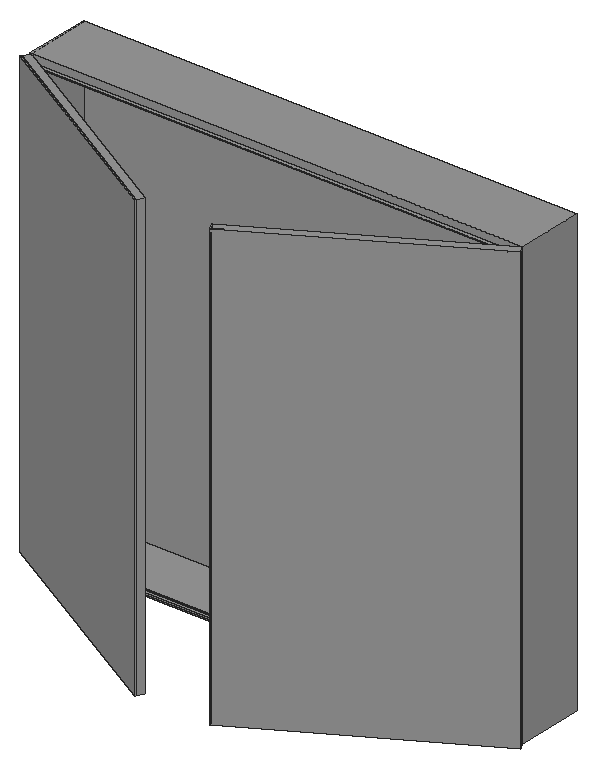
Revit family "Hager-Univers-IP44-D161-H950-Cl.II-FWQ_encl_QS-NoHosted-NL-en", category Equipement électrique, Revit 2020
Family settings
  Configuration du panneau = Deux colonnes, circuits au sein
  Cote de connecteur circulaire = Utiliser le diamètre
  Type d'élément = Tableau de raccordement
  Basée sur le plan de construction = Oui
  Toujours verticalement = Oui
  Couper avec des vides une fois chargée = Non
  Partagée = Non
  Point de calcul de pièce = Non
Parameters (values of type "Surface mounted (plaster) IP44 W1050 H950 D161  - FWQ64N")
  Width Control [instance] = if([EF000008 - Width] > Min Width, [EF000008 - Width], Min Width)  # 1050 mm
  Commentaires du type = [HG000003 - Range]  # "Univers"
  Thickness Door [instance] = if([EF009171 - Material plate thickness door/cover] > 3 mm, 3 mm, [EF009171 - Material plate thickness door/cover])  # 2 mm
  Seal Frame Offset [instance] = 17 mm  # constant formula
  Plinth Visibility [instance] = [HG000027 - Plinth height] > 0 mm  # no
  Min Width [instance] = 100 mm  # constant formula
  Min Depth [instance] = (2 * [EF009170 - Material plate thickness cabinet]) + 1 mm  # 5 mm
  Min Height [instance] = 100 mm  # constant formula
  Internal Frame Depth [instance] = (Door System Depth * 0.5)  # 9 mm
  Panel Name [instance] = ""  # (empty or 0)
  Model = ""
  HG000027 - Plinth height = 0 mm
  HG000026 - Floor standing = no
  HG000024 - Bottom section height = 600 mm
  HG000023 - Double section enclosure = no
  HG000016 - Door 3d visibility [instance] = yes
  HG000015 - Clearance visibility [instance] = no
  HG000014 - Door on the right [instance] = yes
  HG000013 - Door on the left [instance] = not([HG000014 - Door on the right])  # no
  HG000012 - Door swing angle [instance] = 30.00°
  HG000010 - Asymmetric doors = no
  HG000009 - Double swing door = yes
  HG000006 - Flush mounted = no
  HG000004 - Manufacturer reference = "FWQ64N"
  HG000003 - Range = "Univers"
  HG000002 - With door or cover = yes
  Frame Offset Bottom [instance] = 10 mm  # constant formula
  Frame Offset [instance] = 15 mm  # constant formula
  EF015940 - Cover with overpressure release = no
  EF011959 - Degree of protection (NEMA) = ""
  EF009554 - Number of openings for flange plates = 8
  EF009212 - Cover model = "EV009916 - With notch"
  EF009171 - Material plate thickness door/cover = 2 mm
  EF009170 - Material plate thickness cabinet = 2 mm
  EF008873 - Nominal current (In) = 125 A
  EF007800 - Suitable for lightning protection = no
  EF006306 - With lock = no
  EF006244 - Transparent cover/door = no
  EF005474 - Degree of protection (IP) = "EV006418 - IP44"
  EF004464 - Type of door = "EV002646 - Single"
  EF004427 - Number of modules = 192
  EF004293 - Impact strength = "EV006815 - IK09"
  EF003532 - Suitable for outdoor use = no
  EF002950 - Width in number of modular spacings = 48
  EF001613 - Circuit integrity = "EV000494 - None"
  EF001596 - Material housing = "EV000179 - Steel"
  EF001131 - Internal depth = 161 mm
  EF001088 - Extension possible = yes
  EF000437 - Number of conduit inlets = 16
  EF000339 - Type of cover = "EV001012 - Cover"
  EF000266 - Number of rows = 4
  EF000218 - Built-in depth = 0 mm
  EF000118 - With mounting plate = yes
  EF000116 - RAL-number = "9010"
  EF000049 - Depth = 161 mm
  EF000040 - Height = 950 mm
  EF000008 - Width = 1050 mm
  EF000007 - Colour = "EV000202 - White"
  EF000003 - Mounting method = "EV000384 - Surface mounted (plaster)"
  Door System Leaf Tolerance [instance] = 1.5 mm  # constant formula
  Door System Depth [instance] = 18 mm  # constant formula
  Door Height [instance] = Height Control - [HG000027 - Plinth height]  # 950 mm
  Description = ""
  Default Elevation = 1219.2 mm
  Connector Offset [instance] = Height Control / 2  # 475 mm
  Fabricant = "Hager"  # constant formula
  Height Control [instance] = if([EF000040 - Height] > Min Height, [EF000040 - Height], Min Height)  # 950 mm
  Depth Control [instance] = if([EF000049 - Depth] > Min Depth, [EF000049 - Depth], Min Depth)  # 161 mm
  Bottom Top Plate Trim [instance] = 1.5 mm  # constant formula
  Plinth height Ctrl [instance] = if([HG000027 - Plinth height] > 0 mm, [HG000027 - Plinth height], 12 mm)  # 12 mm
Reference planes
  plane 1 "Center (Front/Back)": y = 0
  plane 2: z = 0
  plane 3 "Center (Left/Right)": x = 0
  plane 4: y = 0
  plane 5: y = 0
  plane 6: z = 0
  plane 7: x = -525
  plane 8: x = 525
  plane 9: x = 523
  plane 10: x = -523
  plane 11: z = 0
  plane 12: z = 2
  plane 13: y = -161
  plane 14: y = -2
  plane 15: x = 0
  plane 16: y = -143
  plane 17: y = -159
  plane 18: y = -141
  plane 19: x = -508
  plane 20: x = 508
  plane 21: z = 12
  plane 22: x = -508
  plane 23: x = 508
  plane 24: z = 0
  plane 25: z = 950
  plane 26: z = 950
  plane 27: z = 933
  plane 28: z = 948
Forms (mm)
  Extrusion 1, solid, material "Hager_Steel_RAL7035_Light_Grey", detail levels medium+fine
    sketch origin (-208.679, -4572, 0) x (-1, 0, 0) y (0, -1, 0)
      loop
        line (316.321, -4429) -> (-733.679, -4429) -> (-733.679, -4572) -> (316.321, -4572) -> (316.321, -4429)
    from 0 to 950
  Extrusion 2, void
    sketch origin (-350.771, -161, 1219.2) x (1, 0, 0) y (0, 0, 1)
      loop
        line (-172.229, -271.2) -> (-172.229, -1217.2) -> (873.771, -1217.2) -> (873.771, -271.2) -> (-172.229, -271.2)
    from -20 to -159
  Extrusion 3, void
    sketch origin (-290.084, -143, 1219.2) x (1, 0, 0) y (0, 0, 1)
      loop
        line (-217.916, -1207.2) -> (798.084, -1207.2) -> (798.084, -286.2) -> (-217.916, -286.2) -> (-217.916, -1207.2)
    from 0 to -2
  Extrusion 4, solid, material "Hager_Steel_RAL7035_Light_Grey", visible <- "Plinth Visibility", detail levels medium+fine
    sketch origin (0, 0, 0) x (1, 0, 0) y (0, 1, 0)
      loop
        line (-525, 0) -> (-525, -143) -> (525, -143) -> (525, 0) -> (-525, 0)
    from 0 to 12 <- "Plinth height Ctrl"
  Extrusion 5, solid, material "Hager_Steel_RAL7035_Light_Grey", detail levels coarse
    sketch origin (0, 0, 0) x (1, 0, 0) y (0, 1, 0)
      loop
        line (-525, 0) -> (-525, -161) -> (525, -161) -> (525, 0) -> (-525, 0)
    from 0 to 950 <- "Height Control"
  Sweep 6, void
    path in 3D
      loop
        line (-525, -143, 12) -> (525, -143, 12) -> (525, 0, 12) -> (-525, 0, 12) -> (-525, -143, 12)
    profile origin (-525, -71.5, 12) x (1, 0, 0) y (0, 0, 1)
      loop
        line (0, 0) -> (0, -1.5) -> (1.5, -1.5)
        arc (1.5, -1.5) -> (1.061, -0.439) -> (0, 0) r 1.5
  Extrusion 7, solid, material "Hager_Steel_RAL7035_Light_Grey", detail levels fine
    sketch origin (-525, -143, 0) x (1, 0, 0) y (0, 0, 1)
      loop
        line (17, 12) -> (1033, 12) -> (1033, 933) -> (17, 933) -> (17, 12)
      loop
        line (15, 10) -> (1035, 10) -> (1035, 935) -> (15, 935) -> (15, 10)
    from 0 to 9 <- "Internal Frame Depth"
Cuts and joins
  Extrusion 2, Extrusion 3 cuts Extrusion 1
  Sweep 6 cuts Extrusion 4
Lines and regions (mm)
  Masking region 1
    outline origin (0, 0, 0) x (1, 0, 0) y (0, 1, 0)
      loop
        line (-525, 0) -> (-525, -161) -> (525, -161) -> (525, 0) -> (-525, 0)
  Masking region 2, detail levels coarse
    outline origin (-290.084, -143, 1219.2) x (-1, 0, 0) y (0, 0, 1)
      loop
        line (-815.084, -1219.2) -> (234.916, -1219.2) -> (234.916, -269.2) -> (-815.084, -269.2) -> (-815.084, -1219.2)
  Masking region 3, detail levels coarse
    outline origin (0, 0, 0) x (0, 1, 0) y (0, 0, 1)
      loop
        line (0, 0) -> (0, 950) -> (-161, 950) -> (-161, 0) -> (0, 0)
  Masking region 4, visible <- "Plinth Visibility", detail levels medium+fine
    outline origin (0, 0, 0) x (0, 1, 0) y (0, 0, 1)
      loop
        line (-1.5, 12) -> (-141.5, 12)
        arc (-141.5, 12) -> (-141.939, 10.939) -> (-143, 10.5) r 1.5
        line (-143, 10.5) -> (-143, 0) -> (0, 0) -> (0, 10.5)
        arc (0, 10.5) -> (-1.061, 10.939) -> (-1.5, 12) r 1.5
  Masking region 5, detail levels medium+fine
    outline origin (0, 0, 594.038) x (0, 1, 0) y (0, 0, 1)
      loop
        line (0, -594.038) -> (0, 355.962) -> (-143, 355.962) -> (-143, -594.038) -> (0, -594.038)
  Masking region 6, detail levels medium+fine
    outline origin (-359.7, -143, 1211.883) x (-1, 0, 0) y (0, 0, 1)
      loop
        line (-884.7, -1211.883) -> (165.3, -1211.883) -> (165.3, -261.883) -> (-884.7, -261.883) -> (-884.7, -1211.883)
  Masking region 7, visible <- "Plinth Visibility", detail levels medium+fine
    outline origin (-320.334, -143, 1041.368) x (-1, 0, 0) y (0, 0, 1)
      loop
        line (-845.334, -1041.368) -> (204.666, -1041.368) -> (204.666, -1030.868)
        arc (204.666, -1030.868) -> (203.606, -1030.429) -> (203.166, -1029.368) r 1.5
        line (203.166, -1029.368) -> (-843.834, -1029.368)
        arc (-843.834, -1029.368) -> (-844.273, -1030.429) -> (-845.334, -1030.868) r 1.5
        line (-845.334, -1030.868) -> (-845.334, -1041.368)
  sketch lines
    curve 1: line (-525, 0, 12) -> (-525, -143, 12)
    curve 2: line (-525, -143, 12) -> (525, -143, 12)
    curve 3: line (525, 0, 12) -> (-525, 0, 12)
    curve 4: line (525, -143, 12) -> (525, 0, 12)
Dimensions and locks
  locked: plane 1 "Center (Front/Back)" to plane 5
  "EF009170 - Material plate thickness cabinet": plane 7 to plane 10
  "EF009170 - Material plate thickness cabinet": plane 8 to plane 9
  equal spacing: plane 7, plane 3 "Center (Left/Right)", plane 8
  "Width Control": plane 7 to plane 8
  "Depth Control": plane 4 to plane 13
  "EF009170 - Material plate thickness cabinet": plane 4 to plane 14
  "Height Control": plane 25 to level
  "HG000027 - Plinth height": plane 11 to level
  "EF009170 - Material plate thickness cabinet": plane 12 to plane 11
  "EF009170 - Material plate thickness cabinet": plane 17 to plane 13
  "EF009170 - Material plate thickness cabinet": plane 18 to plane 16
  "Frame Offset Bottom": plane 21 to plane 12
  "Frame Offset": plane 10 to plane 19
  "Frame Offset": plane 9 to plane 20
  "Door System Depth": plane 16 to plane 13
  "Seal Frame Offset": plane 7 to plane 22
  "Seal Frame Offset": plane 8 to plane 23
  "EF009170 - Material plate thickness cabinet": plane 26 to plane 28
  "Frame Offset": plane 28 to plane 27
  "Connector Offset": plane 2 to connector elem
  "Bottom Top Plate Trim": profile plane to Sweep 6 sketch curve
  "Bottom Top Plate Trim": Sweep 6 sketch curve to Sweep 6 sketch curve
  "Plinth height Ctrl": Masking region 4 sketch curve to level
  "Plinth height Ctrl": Masking region 7 sketch curve to level
  "Thickness Door": Extrusion 7 sketch curve to Extrusion 7 sketch curve  (x4)
  "Bottom Top Plate Trim": radius of Sweep 6 sketch curve
  "Bottom Top Plate Trim": radius of Masking region 4 sketch curve  (x2)
  "Bottom Top Plate Trim": radius of Masking region 7 sketch curve  (x2)
  aligned and locked: Extrusion 2 sketch curve to plane 12
  aligned and locked: Extrusion 2 sketch curve to plane 9
  aligned and locked: Extrusion 2 sketch curve to plane 10
  aligned and locked: Extrusion 2 to plane 14
  aligned and locked: Extrusion 1 sketch curve to plane 4
  aligned and locked: plane 8 to Extrusion 1 sketch curve
  aligned and locked: plane 7 to Extrusion 1 sketch curve
  aligned and locked: Extrusion 2 to plane 18
  aligned and locked: Extrusion 3 sketch curve to plane 19
  aligned and locked: plane 20 to Extrusion 3 sketch curve
  aligned and locked: Extrusion 3 to Extrusion 2
  aligned and locked: Extrusion 3 sketch curve to plane 21
  aligned and locked: plane 3 "Center (Left/Right)" to nested 1
  aligned and locked: Extrusion 1 sketch curve to plane 16
  aligned and locked: Extrusion 4 sketch curve to cut or joined group of Extrusion 1, Extrusion 2, Extrusion 3
  aligned and locked: Masking region 1 sketch curve to plane 7
  aligned and locked: Masking region 1 sketch curve to plane 5
  aligned and locked: Masking region 1 sketch curve to plane 8
  aligned and locked: Masking region 2 sketch curve to level
  aligned and locked: level to Masking region 3 sketch curve
  aligned and locked: plane 1 "Center (Front/Back)" to Masking region 3 sketch curve
  aligned and locked: plane 13 to Masking region 3 sketch curve
  aligned and locked: plane 5 to Masking region 4 sketch curve
  aligned and locked: Masking region 2 sketch curve to plane 8
  aligned and locked: Masking region 2 sketch curve to plane 7
  aligned and locked: plane 7 to nested 2
  aligned and locked: nested 2 to plane 5
  aligned and locked: plane 5 to Masking region 5 sketch curve
  aligned and locked: plane 26 to Masking region 5 sketch curve
  aligned and locked: Extrusion 5 sketch curve to plane 8
  aligned and locked: Extrusion 5 sketch curve to plane 7
  aligned and locked: Extrusion 5 sketch curve to plane 5
  aligned and locked: Extrusion 3 sketch curve to plane 27
  aligned and locked: Extrusion 2 sketch curve to plane 28
  aligned and locked: Masking region 2 to plane 25
  aligned and locked: Extrusion 4 to plane 16
  aligned and locked: profile plane to Sweep 6 sketch curve
  aligned and locked: Masking region 5 sketch curve to plane 24
  aligned and locked: level to Masking region 4 sketch curve
  aligned and locked: Masking region 1 to plane 13
  aligned and locked: nested 1 to plane 16
  aligned and locked: Masking region 3 to plane 25
  aligned and locked: plane 16 to Masking region 4 sketch curve
  aligned and locked: Masking region 5 sketch curve to plane 16
  aligned and locked: plane 24 to plane 11
  aligned and locked: plane 26 to plane 25
  aligned and locked: plane 26 to cut or joined group of Extrusion 1, Extrusion 2, Extrusion 3
  aligned and locked: nested 1 to plane 24
  aligned and locked: Extrusion 1 to Extrusion 3
  aligned and locked: Masking region 6 sketch curve to plane 8
  aligned and locked: Masking region 6 sketch curve to plane 24
  aligned and locked: Masking region 6 sketch curve to plane 7
  aligned and locked: Masking region 6 sketch curve to plane 26
  aligned and locked: Masking region 7 sketch curve to plane 7
  aligned and locked: level to Masking region 7 sketch curve
  aligned and locked: Masking region 7 sketch curve to plane 8
  aligned and locked: Extrusion 7 sketch curve to cut or joined group of Extrusion 1, Extrusion 2, Extrusion 3  (x4)
Automatic sketch dimensions
  plane 19 to Extrusion 3 sketch curve = 0 mm
  Extrusion 3 sketch curve to plane 20 = 0 mm
  Extrusion 3 sketch curve to plane 21 = 0 mm
  Extrusion 4 sketch curve to plane 7 = 0 mm
  Extrusion 4 sketch curve to plane 8 = 0 mm
  Extrusion 4 sketch curve to plane 16 = 0 mm
  Masking region 1 sketch curve to plane 13 = 0 mm
  Masking region 2 sketch curve to plane 25 = 0 mm
  Masking region 3 sketch curve to plane 25 = 0 mm
  Extrusion 5 sketch curve to plane 13 = 0 mm
  profile plane to Sweep 6 sketch curve = 0 mm
Nested families
  nested 1: "EC000058_Univers_Door" at (0, -143, 0), Double <- "HG000009 - Double swing door", Transparent <- "EF006244 - Transparent cover/door", Angle <- "HG000012 - Door swing angle", Door_Right <- "HG000014 - Door on the right", Assymetrical <- "HG000010 - Asymmetric doors", Door <- "HG000002 - With door or cover", Width_Ctrl <- "Width Control", 3d_Door <- "HG000016 - Door 3d visibility", Clearance <- "HG000015 - Clearance visibility", Door_Left <- "HG000013 - Door on the left", Width <- "Width Control", Door_Depth <- "Door System Depth", Leaf_Tolerance <- "Door System Leaf Tolerance", Height <- "Door Height", Lock_Visibility <- "EF006306 - With lock", Thickness <- "Thickness Door", type "EC000058_Univers_Door", detail levels medium+fine
    with min_wh 5 mm, Width_Ctrl 1050 mm, Width 1050 mm, Transparent no, Thickness 2 mm, Seal_Material Hager_Rubber, Lock_Visibility no, Lock_Material Hager_Plastic_RAL9005_Jet_Black, Leaf_Width 1050 mm, Leaf_Tolerance_External_Sides 0 mm, Leaf_Tolerance 1.5 mm, Leaf_Offset 0 mm, Leaf_Height 947 mm, Leaf_2_Width 523.5 mm, Leaf_2_Offset 262.5 mm, Leaf_1_Width 523.5 mm, Leaf_1_Offset 262.5 mm, Height_Ctrl 950 mm, Height 950 mm, Glass_Material Hager_Glass, Double_Clearance_Ctrl no, Double yes, Door_Right_Ctrl yes, Door_Right yes, Door_Material Hager_Steel_RAL7035_Light_Grey, Door_Left_Ctrl yes, Door_Left no, Door_Depth 18 mm, Door yes, Clearance_Material Hager_Clearance, Clearance_Depth 523.5 mm, Clearance_Ctrl no, Clearance no, Assymetrical no, Angle 30.00°, 3d_Door yes
  nested 2: "Hager_Enclosure_Symbol" at (-525, 0, 0), Height <- "Depth Control", Width <- "Width Control", type "Hager_Enclosure_Symbol"
    with Width_Ctrl 1050 mm, Width 1050 mm, Height_Ctrl 161 mm, Height 161 mm, A_Width_Int 10.566 mm, A_Width 126.788 mm, A_Height_Ctrl 140.875 mm, A_Height 140.875 mm
Connectors
  electrical at (0, 0, 475)
    settings: on plane 1 "Center (Front/Back)", index 1, voltage 0 V, apparent load 0 VA, apparent load phase1 0 VA, apparent load phase2 0 VA, apparent load phase3 0 VA, power factor 1, load classification "Other", number of poles 1, system type 30, power factor state 1, is connector primary yes, connector utility no, sub classification motor no, connector description ""
Definition of nested family "EC000058_Univers_Door"
  Parameters (values of type "EC000058_Univers_Door")
    min_wh [instance] = (2 * Thickness) + 1 mm  # 11 mm
    Width_Ctrl [instance] = 400 mm
    Width [instance] = 500 mm
    Transparent [instance] = yes
    Thickness [instance] = 5 mm
    Seal_Material [instance] = none
    Lock_Visibility [instance] = yes
    Lock_Material [instance] = none
    Leaf_Width [instance] = if((Width_Ctrl - 2 * Leaf_Tolerance_External_Sides) > 0 mm, (Width_Ctrl - 2 * Leaf_Tolerance_External_Sides), min_wh)  # 400 mm
    Leaf_Tolerance_External_Sides [instance] = 0 mm  # constant formula
    Leaf_Tolerance [instance] = 1.5 mm
    Leaf_Offset [instance] = 0 mm  # constant formula
    Leaf_Height [instance] = if((Height_Ctrl - 2 * Leaf_Tolerance) > 0 mm, (Height_Ctrl - 2 * Leaf_Tolerance), min_wh)  # 497 mm
    Leaf_2_Width [instance] = if(and(and(Double, Assymetrical), Door_Left), (Leaf_Width / 3) - (Leaf_Tolerance / 2), if(and(and(Double, Assymetrical), Door_Right), (Leaf_Width / 3) * 2 - (Leaf_Tolerance / 2), if(and(Double, not(Assymetrical)), (Leaf_Width / 2) - Leaf_Tolerance, Leaf_Width)))  # 400 mm
    Leaf_2_Offset [instance] = if(and(Double, Assymetrical), Leaf_2_Width / 2, if(and(Double, not(Assymetrical)), Leaf_Width / 4, Leaf_Width / 2))  # 200 mm
    Leaf_1_Width [instance] = if(and(and(Double, Assymetrical), Door_Right), (Leaf_Width / 3) - (Leaf_Tolerance / 2), if(and(and(Double, Assymetrical), Door_Left), (Width / 3) * 2 - (Leaf_Tolerance / 2), if(and(Double, not(Assymetrical)), (Leaf_Width / 2) - Leaf_Tolerance, Leaf_Width)))  # 400 mm
    Leaf_1_Offset [instance] = if(and(Double, Assymetrical), Leaf_1_Width / 2, if(and(Double, not(Assymetrical)), Leaf_Width / 4, Leaf_Width / 2))  # 200 mm
    Height_Ctrl [instance] = if(Height > min_wh, Height, min_wh)  # 500 mm
    Height [instance] = 500 mm
    Glass_Material [instance] = none
    Double_Clearance_Ctrl [instance] = and(Double, Clearance)  # no
    Double [instance] = no
    Door_Right_Ctrl [instance] = and(or(Door_Right, Double), Door)  # yes
    Door_Right [instance] = yes
    Door_Material [instance] = none
    Door_Left_Ctrl [instance] = and(or(Door_Left, Double), Door)  # no
    Door_Left [instance] = no
    Door_Depth [instance] = 30 mm
    Door [instance] = yes
    Default Elevation = 1219.2 mm
    Clearance_Material [instance] = none
    Clearance_Depth [instance] = if(Leaf_1_Width > Leaf_2_Width, Leaf_1_Width, Leaf_2_Width)  # 400 mm
    Clearance_Ctrl [instance] = and(not(Double), Clearance)  # yes
    Clearance [instance] = yes
    Assymetrical [instance] = yes
    Angle [instance] = 30.00°
    3d_Door [instance] = yes
  Reference planes
    plane 1 "Center (Front/Back)": y = 0
    plane 2 "Bottom": z = 0
    plane 3 "Center (Left/Right)": x = 0
    plane 4: z = 500
    plane 5: x = -200
    plane 6: x = 200
    plane 7: z = 500
    plane 8: x = -200
    plane 9: z = 0
    plane 10: x = 200
    plane 11: y = 0
    plane 12: z = 1.5
    plane 13: x = -600
    plane 14: y = -400
    plane 15: x = 600
    plane 16: x = 0
    plane 17: x = 0
    plane 18: x = -200
    plane 19: x = 200
    plane 20: z = 498.5
  Forms (mm)
    Extrusion 1, solid, material <- "Clearance_Material", visible <- "Double_Clearance_Ctrl"
      sketch origin (1200, 0, 0) x (1, 0, 0) y (0, 0, -1)
        loop
          line (-1800, -498.5) -> (-600, -498.5) -> (-600, 0) -> (-1800, 0) -> (-1800, -498.5)
      from 0 to -400
  Dimensions and locks
    equal spacing: plane 5, plane 3 "Center (Left/Right)", plane 6
    "Width_Ctrl": plane 5 to plane 6
    "Leaf_Offset": plane 5 to plane 8
    "Leaf_Offset": plane 6 to plane 10
    "Leaf_Offset": plane 9 to level
    "Leaf_Offset": plane 4 to plane 7
    "Height_Ctrl": plane 4 to level
    "Leaf_Tolerance": plane 12 to plane 9
    locked: plane 11 to plane 1 "Center (Front/Back)"
    "Leaf_1_Offset": plane 18 to plane 16
    "Leaf_2_Offset": plane 17 to plane 19
    "Leaf_1_Width": plane 13 to plane 8
    "Leaf_2_Width": plane 10 to plane 15
    "Clearance_Depth": plane 14 to plane 1 "Center (Front/Back)"
    "Leaf_Tolerance_External_Sides": plane 8 to plane 18
    "Leaf_Tolerance_External_Sides": plane 19 to plane 10
    "Leaf_Tolerance": plane 7 to plane 20
    aligned and locked: level to plane 2 "Bottom"
    aligned and locked: nested 1 to plane 16
    aligned and locked: nested 2 to plane 17
    aligned and locked: Extrusion 1 to plane 13
    aligned and locked: plane 15 to Extrusion 1
    aligned and locked: Extrusion 1 to plane 14
    aligned and locked: plane 12 to nested 1
    aligned and locked: nested 2 to plane 12
    aligned and locked: Extrusion 1 to plane 11
    aligned and locked: plane 20 to Extrusion 1
    aligned and locked: nested 2 to plane 11
    aligned and locked: nested 1 to plane 11
  Automatic sketch dimensions
    Extrusion 1 sketch curve to level = 0 mm
    plane 5 to Extrusion 1 sketch curve = 400 mm
    plane 6 to Extrusion 1 sketch curve = 400 mm
    Extrusion 1 sketch curve to plane 4 = 1.5 mm
  Nested families
    nested 1: "EC000058_Univers_Door_Leaf" at (0, 0, 1.5), Width <- "Leaf_1_Width", visible <- "Door_Left_Ctrl", Leaf_Height <- "Leaf_Height", Angle <- "Angle", 3d_Door <- "3d_Door", Transparent <- "Transparent", Clearance Material <- "Clearance_Material", Clearance <- "Clearance_Ctrl", Door_Material <- "Door_Material", Glass_Material <- "Glass_Material", Door_Depth <- "Door_Depth", Lock_Material <- "Lock_Material", Seal_Material <- "Seal_Material", Lock_Visibility <- "Lock_Visibility", Thickness <- "Thickness", type "EC000058_Univers_Door_Leaf"
      with Width 400 mm, Transparent_Glass_Offset 30 mm, Transparent_Ctrl yes, Transparent yes, Thickness 5 mm, Standard no, Seal_Material none, Seal_D2 8 mm, Seal_D1 1 mm, Offset_Internal_Frame 10 mm, Lock_Width 20 mm, Lock_Visibility_3d yes, Lock_Visibility yes, Lock_Thickness_3 3 mm, Lock_Thickness_2 1 mm, Lock_Thickness_1 3 mm, Lock_Radius_Offset_2 16 mm, Lock_Radius_Offset_1 15 mm, Lock_Radius_2 5 mm, Lock_Radius 6 mm, Lock_Offset 5 mm, Lock_Material none, Lock_Height 80 mm, Lock_Cover_Top_Offset_2d 17 mm, Lock_Cover_Height -65 mm, Leaf_Height 497 mm, Internal_Seal_Thickness 8 mm, Internal_Seal_Depth_2 4.5 mm, Internal_Frame_Depth 25 mm, Glass_Thickness -1 mm, Glass_Offset -2 mm, Glass_Material none, Door_Material none, Door_Depth 30 mm, Clearance Material none, Clearance yes, Angle_Ctrl 30.00°, Angle 30.00°, 3d_Door yes
    nested 2: "EC000058_Univers_Door_Leaf" at (0, 0, 1.5) x (-1, 0, 0) z (0, 0, 1), Width <- "Leaf_2_Width", visible <- "Door_Right_Ctrl", Leaf_Height <- "Leaf_Height", Angle <- "Angle", 3d_Door <- "3d_Door", Transparent <- "Transparent", Clearance Material <- "Clearance_Material", Clearance <- "Clearance_Ctrl", Door_Material <- "Door_Material", Glass_Material <- "Glass_Material", Door_Depth <- "Door_Depth", Lock_Material <- "Lock_Material", Seal_Material <- "Seal_Material", Lock_Visibility <- "Lock_Visibility", Thickness <- "Thickness", type "EC000058_Univers_Door_Leaf"
      with Width 400 mm, Transparent_Glass_Offset 30 mm, Transparent_Ctrl yes, Transparent yes, Thickness 5 mm, Standard no, Seal_Material none, Seal_D2 8 mm, Seal_D1 1 mm, Offset_Internal_Frame 10 mm, Lock_Width 20 mm, Lock_Visibility_3d yes, Lock_Visibility yes, Lock_Thickness_3 3 mm, Lock_Thickness_2 1 mm, Lock_Thickness_1 3 mm, Lock_Radius_Offset_2 16 mm, Lock_Radius_Offset_1 15 mm, Lock_Radius_2 5 mm, Lock_Radius 6 mm, Lock_Offset 5 mm, Lock_Material none, Lock_Height 80 mm, Lock_Cover_Top_Offset_2d 17 mm, Lock_Cover_Height -65 mm, Leaf_Height 497 mm, Internal_Seal_Thickness 8 mm, Internal_Seal_Depth_2 4.5 mm, Internal_Frame_Depth 25 mm, Glass_Thickness -1 mm, Glass_Offset -2 mm, Glass_Material none, Door_Material none, Door_Depth 30 mm, Clearance Material none, Clearance yes, Angle_Ctrl 30.00°, Angle 30.00°, 3d_Door yes
  Definition of nested family "EC000058_Univers_Door_Leaf"
    Parameters (values of type "EC000058_Univers_Door_Leaf")
      Width [instance] = 2000 mm
      Transparent_Glass_Offset [instance] = 30 mm
      Transparent_Ctrl [instance] = and(Transparent, [3d_Door])  # yes
      Transparent [instance] = yes
      Thickness [instance] = 5 mm
      Standard [instance] = and(not(Transparent), [3d_Door])  # no
      Seal_Material [instance] = none
      Seal_D2 [instance] = 8 mm  # constant formula
      Seal_D1 [instance] = 1 mm  # constant formula
      Offset_Internal_Frame [instance] = 10 mm  # constant formula
      Lock_Width [instance] = 20 mm  # constant formula
      Lock_Visibility_3d [instance] = and(Lock_Visibility, [3d_Door])  # yes
      Lock_Visibility [instance] = yes
      Lock_Thickness_3 [instance] = 3 mm  # constant formula
      Lock_Thickness_2 [instance] = 1 mm  # constant formula
      Lock_Thickness_1 [instance] = 3 mm  # constant formula
      Lock_Radius_Offset_2 [instance] = Lock_Radius_Offset_1 + 1 mm  # 16 mm
      Lock_Radius_Offset_1 [instance] = 15 mm  # constant formula
      Lock_Radius_2 [instance] = Lock_Radius - 1 mm  # 5 mm
      Lock_Radius [instance] = 6 mm  # constant formula
      Lock_Offset [instance] = 5 mm  # constant formula
      Lock_Material [instance] = none
      Lock_Height [instance] = 80 mm  # constant formula
      Lock_Cover_Top_Offset_2d [instance] = Lock_Radius_Offset_2 + 1 mm  # 17 mm
      Lock_Cover_Height [instance] = -(Lock_Height - Lock_Radius_Offset_1)  # -65 mm
      Leaf_Height [instance] = 2720.336 mm
      Internal_Seal_Thickness [instance] = 8 mm  # constant formula
      Internal_Seal_Depth_2 [instance] = 4.5 mm  # constant formula
      Internal_Frame_Depth [instance] = if(Door_Depth - Thickness > 5 mm, Door_Depth - Thickness, 5 mm)  # 25 mm
      Glass_Thickness [instance] = if(Thickness > 15 mm, Glass_Offset + 10 mm, -1 mm)  # -1 mm
      Glass_Offset [instance] = if(Thickness > 15 mm, -(Thickness + 10 mm) / 2, -2 mm)  # -2 mm
      Glass_Material [instance] = none
      Door_Material [instance] = none
      Door_Depth [instance] = 30 mm
      Default Elevation = 0 mm
      Clearance Material [instance] = none
      Clearance [instance] = yes
      Angle_Ctrl [instance] = if(Angle > 180.00°, 180.00°, Angle)  # 90.00°
      Angle [instance] = 90.00°
      3d_Door [instance] = yes
    Reference planes
      plane 1 "Center (Front/Back)": y = 0
      plane 2: z = 0
      plane 3 "Center (Left/Right)": x = 0
      plane 4: y = 2000
      plane 5: x = -1000
      plane 6: x = 1000
      plane 7: x = -3000
      plane 8: z = 2720.336
      plane 9: z = 30
      plane 10: z = 2690.336
      plane 11: x = 970
      plane 12: x = -970
      plane 13: y = -3
      plane 14: z = 107.833
      plane 15: y = -5
      plane 16: y = -223.314
      plane 17: x = -1000
      plane 18: z = 1360.168
      plane 19: y = 30
    Forms (mm)
      Extrusion 1, solid, material <- "Clearance Material", visible <- "Clearance"
        sketch origin (0, 0, 0) x (1, 0, 0) y (0, 0, 1)
          loop
            line (-3000, 2720.336) -> (-3000, 0) -> (1000, 0) -> (1000, 2720.336) -> (-3000, 2720.336)
        from 0 to -2000
      Extrusion 2, solid, material <- "Door_Material", visible <- "Standard", detail levels medium+fine
        sketch origin (-1000, 0, 0) x (0, 1, 0) y (-1, 0, 0)
          loop
            line (0, 30) -> (0, 25) -> (2000, 25) -> (2000, 30) -> (0, 30)
        from 0 to 2720.336 <- "Leaf_Height"
      Extrusion 3, solid, material <- "Door_Material", visible <- "Transparent_Ctrl", detail levels medium+fine
        sketch origin (-1000, 0, 0) x (0, 1, 0) y (-1, 0, 0)
          loop
            line (0, 25) -> (2000, 25) -> (2000, 30) -> (0, 30) -> (0, 25)
        from 0 to 2720.336 <- "Leaf_Height"
      Extrusion 4, void
        sketch origin (-1025, 2000, 0) x (0, 1, 0) y (0, 0, -1)
          loop
            line (-30, -2690.336) -> (-30, -30) -> (-1970, -30) -> (-1970, -2690.336) -> (-30, -2690.336)
        from 0 to 5 <- "Thickness"
      Sweep 5, solid, material <- "Seal_Material", visible <- "Transparent_Ctrl", detail levels fine
        path in 3D
          loop
            line (-1025, 30, 30) -> (-1025, 30, 2690.336) -> (-1025, 1970, 2690.336) -> (-1025, 1970, 30) -> (-1025, 30, 30)
        profile origin (-1025, 1000, 30) x (1, 0, 0) y (0, 0, 1)
          loop
            line (0, 0) -> (0, -8) -> (1, -8) -> (1, 0) -> (0, 0)
      Extrusion 6, solid, material <- "Glass_Material", visible <- "Transparent_Ctrl", detail levels medium+fine
        sketch origin (-1030, 0, 0) x (0, 1, 0) y (0, 0, -1)
          loop
            line (1970, -2690.336) -> (1970, -30) -> (30, -30) -> (30, -2690.336) -> (1970, -2690.336)
        from -2 <- "Glass_Offset" to -1 <- "Glass_Thickness"
      Extrusion 7, solid, material <- "Door_Material", visible <- "3d_Door", detail levels medium+fine
        sketch origin (-1025, 2000, 0) x (0, -1, 0) y (0, 0, -1)
          loop
            line (0, -2720.336) -> (2000, -2720.336) -> (2000, 0) -> (0, 0) -> (0, -2720.336)
          loop
            line (1995, -5) -> (5, -5) -> (5, -2715.336) -> (1995, -2715.336) -> (1995, -5)
        from 0 to 25 <- "Internal_Frame_Depth"
      Sweep 8, solid, material <- "Seal_Material", visible <- "Transparent_Ctrl", detail levels fine
        path in 3D
          loop
            line (-1025, 0, 0) -> (-1025, 2000, 0) -> (-1025, 2000, 2720.336) -> (-1025, 0, 2720.336) -> (-1025, 0, 0)
        profile origin (-1025, 0, 1360.168) x (1, 0, 0) y (0, 1, 0)
          loop
            line (0, 10) -> (2.975, 10)
            arc (2.975, 10) -> (4.053, 10.447) -> (4.5, 11.525) r 1.525
            line (4.5, 11.525) -> (4.5, 16.527)
            arc (4.5, 16.527) -> (4.069, 17.569) -> (3.027, 18) r 1.473
            line (3.027, 18) -> (0, 18) -> (0, 10)
      Extrusion 9, solid, material <- "Lock_Material", visible <- "Lock_Visibility_3d", detail levels fine
        sketch origin (-1030, 0, 0) x (0, 1, 0) y (0, 0, -1)
          loop
            arc (1993.5, -1400.168) -> (1994.561, -1399.729) -> (1995, -1398.668) r 1.5
            line (1995, -1398.668) -> (1995, -1320.168) -> (1975, -1320.168) -> (1975, -1398.668)
            arc (1975, -1398.668) -> (1975.439, -1399.729) -> (1976.5, -1400.168) r 1.5
            line (1976.5, -1400.168) -> (1993.5, -1400.168)
        from 3 <- "Lock_Thickness_1" to 0
      Blend 10, solid, material <- "Lock_Material", visible <- "Lock_Visibility_3d", detail levels fine
        base sketch origin (-1033, 0, 0) x (0, 1, 0) y (0, 0, -1)
          loop
            line (1975, -1320.168) -> (1975, -1398.668)
            arc (1975, -1398.668) -> (1975.439, -1399.729) -> (1976.5, -1400.168) r 1.5
            line (1976.5, -1400.168) -> (1993.5, -1400.168)
            arc (1993.5, -1400.168) -> (1994.561, -1399.729) -> (1995, -1398.668) r 1.5
            line (1995, -1398.668) -> (1995, -1320.168) -> (1975, -1320.168)
        top sketch origin (-1033, 0, 0) x (0, 1, 0) y (0, 0, -1)
          loop
            line (1976, -1320.168) -> (1976, -1398.668)
            arc (1976, -1398.668) -> (1976.146, -1399.022) -> (1976.5, -1399.168) r 0.5
            line (1976.5, -1399.168) -> (1993.5, -1399.168)
            arc (1993.5, -1399.168) -> (1993.854, -1399.022) -> (1994, -1398.668) r 0.5
            line (1994, -1398.668) -> (1994, -1320.168) -> (1976, -1320.168)
        from 0 to 1 <- "Lock_Thickness_2"
      Blend 11, solid, material <- "Lock_Material", visible <- "Lock_Visibility_3d", detail levels fine
        base sketch origin (-1034, 0, 0) x (0, 1, 0) y (0, 0, -1)
          loop
            line (1978, -1320.168) -> (1978, -1384.168)
            arc (1978, -1384.168) -> (1985, -1391.168) -> (1992, -1384.168) r 7
            line (1992, -1384.168) -> (1992, -1320.168) -> (1978, -1320.168)
        top sketch origin (-1034, 0, 0) x (0, 1, 0) y (0, 0, -1)
          loop
            line (1991, -1320.168) -> (1979, -1320.168) -> (1979, -1383.168)
            arc (1979, -1383.168) -> (1985, -1389.168) -> (1991, -1383.168) r 6
            line (1991, -1383.168) -> (1991, -1320.168)
        from 0 to 3 <- "Lock_Thickness_3"
      Extrusion 12, solid, material <- "Lock_Material", visible <- "Lock_Visibility_3d", detail levels fine
        sketch origin (-1030, 1975, 1320.168) x (1, 0, 0) y (0, -1, 0)
          loop
            line (-7, -19) -> (-7, -1) -> (0, -1) -> (0, 0) -> (-8, 0) -> (-8, -20) -> (0, -20) -> (0, -19) -> (-7, -19)
        from 0 to -65 <- "Lock_Cover_Height"
      Extrusion 13, void
        sketch origin (-1038, 1995, 1320.168) x (-1, 0, 0) y (0, 0, -1)
          loop
            line (-5, -65) -> (0, -65) -> (-5, -60) -> (-5, -65)
        from 0 to 20 <- "Lock_Width"
      Extrusion 14, void
        sketch origin (-1038, 1975, 1320.168) x (0, -1, 0) y (0, 0, -1)
          loop
            circle (-10, -15.995) r 6
          loop
            circle (-10, -15.995) r 5
        from 0 to 2
      Extrusion 15, solid, material <- "Lock_Material", visible <- "Lock_Visibility_3d", detail levels medium
        sketch origin (-1030, 0, 0) x (0, 1, 0) y (0, 0, -1)
          loop
            arc (1993.5, -1400.168) -> (1994.561, -1399.729) -> (1995, -1398.668) r 1.5
            line (1995, -1398.668) -> (1995, -1320.168) -> (1975, -1320.168) -> (1975, -1398.668)
            arc (1975, -1398.668) -> (1975.439, -1399.729) -> (1976.5, -1400.168) r 1.5
            line (1976.5, -1400.168) -> (1993.5, -1400.168)
        from 8 to 0
    Cuts and joins
      Extrusion 4 cuts Extrusion 3
      Extrusion 13, Extrusion 14 cuts Extrusion 9
      Extrusion 14 cuts Blend 11
      Extrusion 13, Extrusion 14 cuts Extrusion 12
      joined: Extrusion 9, Blend 10, Blend 11, Extrusion 12
      Extrusion 14 cuts Extrusion 15
    Lines and regions (mm)
      Masking region 1, visible <- "Lock_Visibility", detail levels fine
        outline origin (0, 0, 0) x (0, 1, 0) y (0, 0, 1)
          loop
            line (30, 1320.168) -> (33, 1320.168) -> (33, 1400.168) -> (30, 1400.168) -> (30, 1320.168)
      Masking region 2, visible <- "Lock_Visibility", detail levels fine
        outline origin (0, 3.143, 0) x (0, 1, 0) y (0, 0, 1)
          loop
            line (29.857, 1354.168) -> (30.857, 1354.168) -> (30.857, 1366.168) -> (29.857, 1366.168) -> (29.857, 1354.168)
      Masking region 3, detail levels medium+fine
        outline origin (0, 0, 0) x (0, 1, 0) y (0, 0, 1)
          loop
            line (0, 0) -> (30, 0) -> (30, 2720.336) -> (0, 2720.336) -> (0, 0)
      Masking region 4, detail levels medium+fine
        outline origin (0, 0, 0) x (1, 0, 0) y (0, 0, 1)
          loop
            line (-1000, 2720.336) -> (-1000, 0) -> (1000, 0) -> (1000, 2720.336) -> (-1000, 2720.336)
      Masking region 5, visible <- "Lock_Visibility", detail levels fine
        outline origin (-47.116, 0, 0) x (1, 0, 0) y (0, 0, 1)
          loop
            arc (1024.616, 1399.168) -> (1023.556, 1398.729) -> (1023.116, 1397.668) r 1.5
            line (1023.116, 1397.668) -> (1023.116, 1320.168) -> (1041.116, 1320.168) -> (1041.116, 1397.668)
            arc (1041.116, 1397.668) -> (1040.677, 1398.729) -> (1039.616, 1399.168) r 1.5
            line (1039.616, 1399.168) -> (1024.616, 1399.168)
      Masking region 6, visible <- "Lock_Visibility", detail levels medium+fine
        outline origin (-25, 0, 0) x (1, 0, 0) y (0, 0, 1)
          loop
            arc (1001.5, 1400.168) -> (1000.439, 1399.729) -> (1000, 1398.668) r 1.5
            line (1000, 1398.668) -> (1000, 1320.168) -> (1020, 1320.168) -> (1020, 1398.668)
            arc (1020, 1398.668) -> (1019.561, 1399.729) -> (1018.5, 1400.168) r 1.5
            line (1018.5, 1400.168) -> (1001.5, 1400.168)
      Masking region 7, visible <- "Lock_Visibility", detail levels fine
        outline origin (-73.735, 0, 0) x (1, 0, 0) y (0, 0, 1)
          loop
            line (1051.735, 1382.168) -> (1065.735, 1382.168) -> (1065.735, 1384.168)
            arc (1065.735, 1384.168) -> (1058.735, 1391.168) -> (1051.735, 1384.168) r 7
            line (1051.735, 1384.168) -> (1051.735, 1382.168)
      Masking region 8, visible <- "Lock_Visibility", detail levels fine
        outline origin (-73.735, 0, 0) x (1, 0, 0) y (0, 0, 1)
          loop
            line (1052.735, 1382.168) -> (1064.735, 1382.168) -> (1064.735, 1383.168)
            arc (1064.735, 1383.168) -> (1058.735, 1389.168) -> (1052.735, 1383.168) r 6
            line (1052.735, 1383.168) -> (1052.735, 1382.168)
      Masking region 9, visible <- "Lock_Visibility", detail levels fine
        outline origin (-25, 0, 0) x (1, 0, 0) y (0, 0, 1)
          loop
            line (1020, 1320.168) -> (1020, 1382.168) -> (1000, 1382.168) -> (1000, 1320.168) -> (1020, 1320.168)
      Masking region 10, detail levels medium+fine
        outline origin (0, 0, 0) x (1, 0, 0) y (0, 0, 1)
          loop
            circle (985, 1335.144) r 6
      Masking region 11, detail levels fine
        outline origin (0, 0, 0) x (1, 0, 0) y (0, 0, 1)
          loop
            circle (985, 1335.144) r 5
      Masking region 12, visible <- "Lock_Visibility", detail levels fine
        outline origin (0, 12.767, 0) x (0, 1, 0) y (0, 0, 1)
          loop
            line (20.233, 1320.168) -> (21.233, 1320.168) -> (21.233, 1399.168) -> (20.233, 1400.168) -> (20.233, 1320.168)
      Masking region 13, visible <- "Lock_Visibility", detail levels fine
        outline origin (0, 13.767, -10) x (0, 1, 0) y (0, 0, 1)
          loop
            line (20.233, 1330.168) -> (23.233, 1330.168) -> (23.233, 1399.168) -> (20.233, 1402.168) -> (20.233, 1330.168)
      Masking region 14, visible <- "Lock_Visibility", detail levels fine
        outline origin (0, 12.767, -10) x (0, 1, 0) y (0, 0, 1)
          loop
            line (20.233, 1330.168) -> (25.233, 1330.168) -> (25.233, 1399.305) -> (20.233, 1394.305) -> (20.233, 1330.168)
      Masking region 15, visible <- "Lock_Visibility", detail levels medium
        outline origin (0, 0, 0) x (0, 1, 0) y (0, 0, 1)
          loop
            line (30, 1320.168) -> (38, 1320.168) -> (38, 1400.168) -> (30, 1400.168) -> (30, 1320.168)
      Masking region 16, visible <- "Lock_Visibility", detail levels fine
        outline origin (-1000, 0, 0) x (0, 1, 0) y (-1, 0, 0)
          loop
            line (1975, 30) -> (1995, 30) -> (1995, 38) -> (1975, 38) -> (1975, 30)
          loop
            line (1979, 37) -> (1976, 37) -> (1976, 34) -> (1978, 34) -> (1979, 37)
          loop
            line (1994, 37) -> (1991, 37) -> (1992, 34) -> (1994, 34) -> (1994, 37)
      Masking region 17, visible <- "Lock_Visibility", detail levels medium
        outline origin (-1000, 0, 0) x (0, 1, 0) y (-1, 0, 0)
          loop
            line (1975, 30) -> (1995, 30) -> (1995, 38) -> (1975, 38) -> (1975, 30)
      symbolic lines
        curve 1: line (1000, 0, 0) -> (-3000, 0, 0)
        curve 2: arc (1000, 0, 0) -> (-1000, 2000, 0) -> (-3000, 0, 0) r 2000
        curve 4: line (-1030, 0, 0) -> (-1030, 2000, 0)
      reference lines
        curve 3: line (-1000, 0, 0) -> (-1000, 2000, 0)
      symbolic lines, detail levels medium+fine
        curve 5: line (-1030, 2000, 0) -> (-1025, 2000, 0)
        curve 7: line (-1025, 0, 0) -> (-1030, 0, 0)
        curve 8: line (-1025, 0, 0) -> (-1000, 0, 0)
        curve 9: line (-1000, 0, 0) -> (-1000, 2000, 0)
        curve 10: line (-1000, 2000, 0) -> (-1025, 2000, 0)
      symbolic lines, detail levels fine
        curve 6: line (-1025, 2000, 0) -> (-1025, 0, 0)
      sketch lines
        curve 11: line (-1025, 0, 2720.336) -> (-1025, 0, 0)
        curve 12: line (-1025, 2000, 0) -> (-1025, 0, 0)
        curve 13: line (-1025, 2000, 2720.336) -> (-1025, 2000, 0)
        curve 14: line (-1025, 0, 2720.336) -> (-1025, 2000, 2720.336)
        curve 15: line (-1025, 1970, 30) -> (-1025, 30, 30)
        curve 16: line (-1025, 30, 30) -> (-1025, 30, 2690.336)
        curve 17: line (-1025, 1970, 2690.336) -> (-1025, 1970, 30)
        curve 18: line (-1025, 30, 2690.336) -> (-1025, 1970, 2690.336)
      symbolic lines, visible <- "Transparent", detail levels medium+fine
        curve 19: line (-970, 0, 2690.336) -> (970, 0, 2690.336)
        curve 20: line (-970, 0, 30) -> (-970, 0, 2690.336)
        curve 21: line (970, 0, 30) -> (-970, 0, 30)
        curve 22: line (970, 0, 2690.336) -> (970, 0, 30)
    Dimensions and locks
      "Width": plane 1 "Center (Front/Back)" to plane 4
      equal spacing: plane 5, plane 3 "Center (Left/Right)", plane 6
      "Width": plane 5 to plane 6
      "Width": plane 7 to plane 5
      "Leaf_Height": plane 8 to level
      "Width": curve 5 to curve 3
      "Width": curve 3 to curve 3
      plane 8 to plane 10 = 30 mm
      plane 9 to level = 30 mm
      plane 12 to plane 5 = 30 mm
      plane 6 to plane 11 = 30 mm
      Extrusion 1 to Extrusion 4 sketch curve = 30 mm
      "Transparent_Glass_Offset": curve 3 to Extrusion 4 sketch curve
      "Transparent_Glass_Offset": Extrusion 4 sketch curve to cut or joined group of Extrusion 3, Extrusion 4  (x2)
      cut or joined group of Extrusion 3, Extrusion 4 to Extrusion 6 sketch curve = 30 mm
      "Transparent_Glass_Offset": cut or joined group of Extrusion 3, Extrusion 4 to Extrusion 4 sketch curve
      "Thickness": curve 6 to curve 4
      "Thickness": Extrusion 7 sketch curve to Extrusion 7 sketch curve  (x4)
      "Door_Depth": curve 4 to curve 3
      "Offset_Internal_Frame": profile plane to Sweep 8 sketch curve
      "Internal_Seal_Thickness": Sweep 8 sketch curve to Sweep 8 sketch curve
      "Internal_Seal_Depth_2": profile plane to Sweep 8 sketch curve
      "Seal_D1": profile plane to Sweep 5 sketch curve
      "Seal_D2": profile plane to Sweep 5 sketch curve
      "Thickness": Extrusion 2 sketch curve to Extrusion 2 sketch curve
      equal spacing: Extrusion 9 sketch curve, plane 18, Extrusion 9 sketch curve  (x2)
      equal spacing: Masking region 1 sketch curve, plane 18, Masking region 1 sketch curve
      "Lock_Height": Masking region 1 sketch curve to Masking region 1 sketch curve
      "Lock_Radius": Masking region 2 sketch curve to plane 18 to Masking region 2 sketch curve
      Masking region 2 sketch curve to Masking region 1 = 1 mm
      "Door_Depth": plane 19 to plane 1 "Center (Front/Back)"
      "Lock_Thickness_1": Masking region 1 sketch curve to plane 19
      "Lock_Width": Extrusion 9 sketch curve to Extrusion 9 sketch curve
      "Lock_Height": Extrusion 9 sketch curve to Extrusion 9 sketch curve
      "Lock_Offset": cut or joined group of Extrusion 3, Extrusion 4 to Extrusion 9 sketch curve
      equal spacing: plane 8, plane 18, level
      "Lock_Radius_Offset_1": Blend 11 sketch curve to Blend 10
      locked: Blend 10 to Blend 11 sketch curve at 2  (x2)
      locked: var sketch to Blend 11 sketch curve at 1  (x2)
      "Lock_Radius_Offset_2": Blend 11 sketch curve to Blend 10
      locked: Extrusion 12 sketch curve to Extrusion 12 sketch curve at 1  (x3)
      Masking region 6 sketch curve to Masking region 6 sketch curve = 80 mm
      "Lock_Height": Masking region 6 sketch curve to Masking region 6 sketch curve
      "Lock_Width": Masking region 6 sketch curve to Masking region 6 sketch curve
      locked: Masking region 6 to Masking region 5 sketch curve at 1  (x3)
      locked: Masking region 5 to Masking region 7 sketch curve at 2  (x2)
      "Lock_Radius_Offset_1": Masking region 5 to Masking region 7 sketch curve
      "Lock_Radius_Offset_2": Masking region 5 to Masking region 8 sketch curve
      locked: Masking region 7 to Masking region 8 sketch curve at 1  (x2)
      "Lock_Cover_Top_Offset_2d": Masking region 5 to Masking region 9 sketch curve
      equal spacing: Masking region 9, Masking region 10 sketch curve, Masking region 9
      equal spacing: Masking region 9, Masking region 11 sketch curve, Masking region 9
      Extrusion 15 sketch curve to Extrusion 15 sketch curve = 80 mm
      "Lock_Width": Extrusion 15 sketch curve to Extrusion 15 sketch curve
      "Lock_Height": Extrusion 15 sketch curve to Extrusion 15 sketch curve
      equal spacing: Extrusion 15 sketch curve, plane 18, Extrusion 15 sketch curve
      "Lock_Thickness_3": Masking region 13 sketch curve to Masking region 13 sketch curve
      "Lock_Height": Masking region 12 sketch curve to Masking region 12 sketch curve
      locked: Masking region 13 sketch curve to Masking region 1 at 8
      locked: Masking region 14 sketch curve to Masking region 13 at 1
      locked: Masking region 14 sketch curve to Masking region 1 at 10.863
      "Lock_Height": Masking region 15 sketch curve to Masking region 15 sketch curve
      "Lock_Offset": Extrusion 15 sketch curve to cut or joined group of Extrusion 3, Extrusion 4
      "Lock_Offset": plane 6 to Masking region 6 sketch curve
      radius of Sweep 8 sketch curve = 1.525 mm
      radius of Sweep 8 sketch curve = 1.473 mm
      radius of Extrusion 9 sketch curve = 1.5 mm  (x2)
      "Lock_Radius": radius of Extrusion 14 sketch curve
      "Lock_Radius_2": radius of Extrusion 14 sketch curve
      "Lock_Radius": radius of Masking region 10 sketch curve
      "Lock_Radius_2": radius of Masking region 11 sketch curve
      radius of Extrusion 15 sketch curve = 1.5 mm  (x2)
      "Angle_Ctrl": angle plane 1 "Center (Front/Back)" to curve 3
      locked: Masking region 12 sketch curve to Masking region 12 sketch curve (angle 45.00°)
      locked: Masking region 13 sketch curve to Masking region 13 sketch curve (angle 45.00°)
      locked: Masking region 14 sketch curve to Masking region 14 sketch curve (angle 45.00°)
      aligned and locked: level to plane 2
      aligned and locked: Extrusion 1 to curve 1
      aligned and locked: plane 6 to Extrusion 1
      aligned and locked: Extrusion 1 to plane 1 "Center (Front/Back)"
      aligned and locked: plane 4 to Extrusion 1
      aligned and locked: plane 8 to Extrusion 1
      aligned and locked: curve 7 to Extrusion 2 sketch curve
      aligned and locked: curve 5 to Extrusion 2 sketch curve
      aligned and locked: curve 7 to Extrusion 3 sketch curve
      aligned and locked: Extrusion 3 sketch curve to curve 4
      aligned and locked: Extrusion 3 sketch curve to curve 6
      aligned and locked: Extrusion 3 sketch curve to curve 5
      aligned and locked: curve 9 to curve 3
      aligned and locked: Extrusion 7 sketch curve to cut or joined group of Extrusion 3, Extrusion 4  (x4)
      aligned and locked: plane 17 to curve 3
      aligned and locked: plane 1 "Center (Front/Back)" to curve 3
      aligned and locked: plane 17 to plane 5
      aligned and locked: Sweep 8 sketch curve to profile plane
      aligned and locked: Sweep 5 sketch curve to profile plane  (x2)
      aligned and locked: Masking region 1 to Masking region 2 sketch curve
      aligned and locked: plane 19 to Masking region 1 sketch curve
      aligned and locked: plane 1 "Center (Front/Back)" to Masking region 3 sketch curve
      aligned and locked: plane 19 to Masking region 3 sketch curve
      aligned and locked: level to Masking region 3 sketch curve
      aligned and locked: Masking region 3 sketch curve to plane 8
      aligned and locked: plane 17 to Masking region 4 sketch curve
      aligned and locked: level to Masking region 4 sketch curve
      aligned and locked: Masking region 4 sketch curve to plane 8
      aligned and locked: plane 12 to curve 20
      aligned and locked: plane 10 to curve 19
      aligned and locked: plane 11 to curve 22
      aligned and locked: curve 21 to plane 9
      aligned and locked: Extrusion 2 sketch curve to cut or joined group of Extrusion 3, Extrusion 4
      aligned and locked: Blend 10 sketch curve to Extrusion 9  (x4)
      aligned and locked: Extrusion 9 to Blend 10 sketch curve
      aligned and locked: Blend 10 to Blend 11 sketch curve
      aligned and locked: Extrusion 12 sketch curve to Blend 11
      aligned and locked: Extrusion 12 sketch curve to Extrusion 9  (x4)
      aligned and locked: Masking region 5 sketch curve to Masking region 6
      aligned and locked: Masking region 9 sketch curve to Masking region 6  (x3)
      aligned and locked: Masking region 12 sketch curve to Masking region 1
      aligned and locked: Masking region 13 sketch curve to Masking region 1
      aligned and locked: Masking region 12 to Masking region 14
      aligned and locked: Masking region 14 sketch curve to Masking region 1
      aligned and locked: Masking region 15 sketch curve to Masking region 14
      aligned and locked: Masking region 13 sketch curve to Masking region 12
      aligned and locked: Masking region 16 sketch curve to cut or joined group of Extrusion 14, Extrusion 15  (x4)
      aligned and locked: Masking region 16 sketch curve to cut or joined group of Extrusion 9, Blend 10, Blend 11, Extrusion 12, Extrusion 13, Extrusion 14  (x6)
      aligned and locked: cut or joined group of Extrusion 9, Blend 10, Blend 11, Extrusion 12, Extrusion 13, Extrusion 14 to Masking region 16 sketch curve
      aligned and locked: Masking region 17 sketch curve to cut or joined group of Extrusion 14, Extrusion 15  (x3)
      aligned and locked: Masking region 17 sketch curve to cut or joined group of Extrusion 9, Blend 10, Blend 11, Extrusion 12, Extrusion 13, Extrusion 14
      aligned and locked: Masking region 9 to Masking region 8 sketch curve
      aligned and locked: Masking region 9 to Masking region 7 sketch curve
    Automatic sketch dimensions
      plane 1 "Center (Front/Back)" to curve 2 = 0 mm
      curve 2 to plane 5 = 0 mm
      Extrusion 1 sketch curve to level = 0 mm
      Extrusion 1 sketch curve to plane 7 = 0 mm
      Extrusion 1 sketch curve to plane 6 = 0 mm
      Extrusion 1 sketch curve to plane 8 = 0 mm
      Extrusion 3 to Extrusion 6 sketch curve = 30 mm  (x4)
      Masking region 4 sketch curve to plane 6 = 0 mm
      Blend 10 sketch curve to Extrusion 9 = 1.5 mm
      Blend 10 sketch curve to Extrusion 9 = 1 mm
      Extrusion 13 sketch curve to Extrusion 12 = 0 mm  (x2)
      Extrusion 12 to Extrusion 13 sketch curve = 3 mm
      Extrusion 13 sketch curve to Extrusion 12 = 5 mm
      Extrusion 14 sketch curve to Extrusion 14 sketch curve = 0 mm  (x2)
      Extrusion 14 sketch curve to Extrusion 12 = 10 mm
      Extrusion 14 sketch curve to Extrusion 12 = 15.995 mm
      Masking region 5 sketch curve to Masking region 5 sketch curve = 1.5 mm  (x2)
      Masking region 10 sketch curve to plane 18 = 25.024 mm
      Masking region 11 sketch curve to plane 18 = 25.024 mm
      plane 19 to Masking region 14 sketch curve = 3 mm
      Masking region 16 sketch curve to Masking region 16 sketch curve = 3 mm
      curve 4 to curve 3 = 0 mm
      Blend 10 to Blend 11 sketch curve = 0 mm
      Masking region 6 sketch curve to Masking region 6 sketch curve = 1.5 mm  (x2)
      Masking region 6 sketch curve to plane 18 = 40 mm
      plane 19 to Masking region 12 sketch curve = 3 mm
      Masking region 12 sketch curve to Masking region 12 sketch curve = 1 mm
      Masking region 15 sketch curve to plane 19 = 0 mm
      Masking region 15 sketch curve to plane 18 = 40 mm
      radius of Blend 10 sketch curve to Extrusion 9 = 1 mm
Definition of nested family "Hager_Enclosure_Symbol"
  Parameters (values of type "Hager_Enclosure_Symbol")
    Width_Ctrl [instance] = if(Width > 1 mm, Width, 1 mm)  # 102.27 mm
    Width [instance] = 102.27 mm
    Height_Ctrl [instance] = if(Height > 1 mm, Height, 1 mm)  # 66.5 mm
    A_Width_Int [instance] = if(A_Width / 12 > 2 mm, A_Width / 12, 2 mm)  # 4.364 mm
    A_Width [instance] = if(A_Height_Ctrl * 0.9 > 2 mm, A_Height_Ctrl * 0.9, 2 mm)  # 52.369 mm
    A_Height_Ctrl [instance] = if(A_Height > 2 mm, A_Height, 2 mm)  # 58.188 mm
    Height [instance] = 66.5 mm
    A_Height [instance] = Height - (Height / 8)  # 58.188 mm
  Reference planes
    plane 1 "Centre (avant/arrière)": y = 0
    plane 2: z = 0
    plane 3 "Centre (gauche/droite)": x = 0
    plane 4: x = 52.369
    plane 5: y = 33.042
    plane 6: y = 41.77
    plane 7: y = 66.5
    plane 8: x = 26.184
    plane 9: y = 37.406
    plane 10: x = 102.27
    plane 11: y = 66.5
    plane 12: y = 8.313
  Lines and regions (mm)
    Filled region 1, type "Solid_Black", in view "Niveau de réf."
      outline origin (0, 0, 0) x (1, 0, 0) y (0, 1, 0)
        loop
          line (52.369, 66.5) -> (33.188, 54.536) -> (45.365, 45.006) -> (52.369, 66.5)
    Filled region 2, type "Solid_Black", in view "Niveau de réf."
      outline origin (0, 0, 0) x (1, 0, 0) y (0, 1, 0)
        loop
          line (0, 0) -> (102.27, 0) -> (102.27, 66.5) -> (0, 0)
    detail lines, in view "Niveau de réf."
      curve 1: line (0, 8.313, 0) -> (26.184, 41.77, 0)
      curve 2: line (26.184, 41.77, 0) -> (26.184, 33.042, 0)
      curve 3: line (26.184, 33.042, 0) -> (52.369, 66.5, 0)
  Dimensions and locks
    "A_Width": plane 3 "Centre (gauche/droite)" to plane 4
    equal spacing: plane 3 "Centre (gauche/droite)", plane 8, plane 4
    equal spacing: plane 6, plane 9, plane 5
    equal spacing: curve 3, Filled region 1 sketch curve, Filled region 1 sketch curve
    "Height_Ctrl": plane 1 "Centre (avant/arrière)" to plane 11
    "A_Height_Ctrl": plane 11 to plane 12
    equal spacing: plane 11, plane 9, plane 12
    "A_Width_Int": plane 6 to plane 9
    "Width_Ctrl": plane 3 "Centre (gauche/droite)" to plane 10
    angle Filled region 1 sketch curve to curve 3 = 20.00°
    angle curve 3 to Filled region 1 sketch curve = 20.00°
    locked: curve 3 to Filled region 1 sketch curve (angle 90.00°)
    aligned and locked: plane 10 to Filled region 2
    aligned and locked: plane 11 to Filled region 2 sketch curve
    aligned and locked: plane 10 to Filled region 2 sketch curve
    aligned and locked: plane 3 "Centre (gauche/droite)" to curve 1
    aligned and locked: plane 12 to curve 1
    aligned and locked: plane 7 to plane 11
  Automatic sketch dimensions
    Filled region 1 sketch curve to plane 4 = 0 mm
    Filled region 1 sketch curve to plane 7 = 0 mm
    plane 1 "Centre (avant/arrière)" to Filled region 2 sketch curve = 0 mm
    Filled region 2 sketch curve to plane 3 "Centre (gauche/droite)" = 0 mm
    curve 2 to plane 6 = 0 mm
    curve 2 to plane 8 = 0 mm
    curve 3 to plane 4 = 0 mm
    curve 2 to plane 5 = 0 mm
    curve 3 to plane 7 = 0 mm
